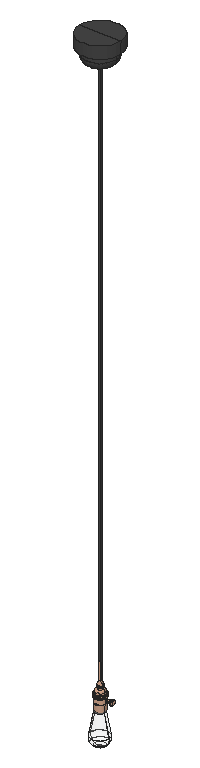
Revit family "SPO-KEY-AB MB", category Lighting Fixtures, Revit 2020 (continued)
Definition of nested family "SPO-KEY-AB"
  Definition of nested family "SPO-KEY-AB HOLDER"
    Forms (in)
      Extrusion 126, solid, material <- "Body", visible <- "SPO-KEY-AB"
        sketch origin (-0.00004, 0.0311, -0.22468) x (0.770394, 0.637568, 0) y (-0.637568, 0.770394, 0)
          loop
            line (0.44965, 0.52237) -> (0.48225, 0.49432) -> (0.51145, 0.52351) -> (0.47877, 0.55619) -> (0.44965, 0.52237)
        from 1.87225 to 1.98153
      Extrusion 127, solid, material <- "Body", visible <- "SPO-KEY-AB"
        sketch origin (0.003, 0.03095, -0.22468) x (0.829137, 0.559045, 0) y (-0.559045, 0.829137, 0)
          loop
            line (0.44965, 0.52237) -> (0.48225, 0.49432) -> (0.51145, 0.52351) -> (0.47877, 0.55619) -> (0.44965, 0.52237)
        from 1.87225 to 1.98153
      Extrusion 128, solid, material <- "Body", visible <- "SPO-KEY-AB"
        sketch origin (0.00602, 0.03051, -0.22468) x (0.879906, 0.475147, 0) y (-0.475147, 0.879906, 0)
          loop
            line (0.44965, 0.52237) -> (0.48225, 0.49432) -> (0.51145, 0.52351) -> (0.47877, 0.55619) -> (0.44965, 0.52237)
        from 1.87225 to 1.98153
      Extrusion 129, solid, material <- "Body", visible <- "SPO-KEY-AB"
        sketch origin (0.00898, 0.02977, -0.22468) x (0.922214, 0.38668, 0) y (-0.38668, 0.922214, 0)
          loop
            line (0.44965, 0.52237) -> (0.48225, 0.49432) -> (0.51145, 0.52351) -> (0.47877, 0.55619) -> (0.44965, 0.52237)
        from 1.87225 to 1.98153
      Extrusion 130, solid, material <- "Body", visible <- "SPO-KEY-AB"
        sketch origin (0.01185, 0.02875, -0.22468) x (0.955653, 0.294494, 0) y (-0.294494, 0.955653, 0)
          loop
            line (0.44965, 0.52237) -> (0.48225, 0.49432) -> (0.51145, 0.52351) -> (0.47877, 0.55619) -> (0.44965, 0.52237)
        from 1.87225 to 1.98153
      Extrusion 131, solid, material <- "Body", visible <- "SPO-KEY-AB"
        sketch origin (0.01461, 0.02745, -0.22468) x (0.979903, 0.199477, 0) y (-0.199477, 0.979903, 0)
          loop
            line (0.44965, 0.52237) -> (0.48225, 0.49432) -> (0.51145, 0.52351) -> (0.47877, 0.55619) -> (0.44965, 0.52237)
        from 1.87225 to 1.98153
      Extrusion 132, solid, material <- "Body", visible <- "SPO-KEY-AB"
        sketch origin (0.01723, 0.02589, -0.22468) x (0.994729, 0.102541, 0) y (-0.102541, 0.994729, 0)
          loop
            line (0.44965, 0.52237) -> (0.48225, 0.49432) -> (0.51145, 0.52351) -> (0.47877, 0.55619) -> (0.44965, 0.52237)
        from 1.87225 to 1.98153
      Extrusion 133, solid, material <- "Body", visible <- "SPO-KEY-AB"
        sketch origin (0.01968, 0.02408, -0.22468) x (0.999989, 0.004618, 0) y (-0.004618, 0.999989, 0)
          loop
            line (0.44965, 0.52237) -> (0.48225, 0.49432) -> (0.51145, 0.52351) -> (0.47877, 0.55619) -> (0.44965, 0.52237)
        from 1.87225 to 1.98153
      Extrusion 134, solid, material <- "Body", visible <- "SPO-KEY-AB"
        sketch origin (-0.38641, -0.34585, 0.9375) x (0.995192, -0.097945, 0) y (0.097945, 0.995192, 0)
          loop
            line (0.527, 0.61222) -> (0.56632, 0.57838) -> (0.59931, 0.61137) -> (0.56005, 0.65062) -> (0.527, 0.61222)
        from 1.81351 to 1.98153
      Extrusion 135, solid, material <- "Body", visible <- "SPO-KEY-AB"
        sketch origin (-0.46276, -0.23405, 0.9375) x (0.935931, -0.352183, 0) y (0.352183, 0.935931, 0)
          loop
            line (0.527, 0.61222) -> (0.56632, 0.57838) -> (0.59931, 0.61137) -> (0.56005, 0.65062) -> (0.527, 0.61222)
        from 1.81351 to 1.98153
      Extrusion 136, solid, material <- "Body", visible <- "SPO-KEY-AB"
        sketch origin (-0.50757, -0.10631, 0.9375) x (0.812889, -0.582419, 0) y (0.582419, 0.812889, 0)
          loop
            line (0.527, 0.61222) -> (0.56632, 0.57838) -> (0.59931, 0.61137) -> (0.56005, 0.65062) -> (0.527, 0.61222)
        from 1.81351 to 1.98153
      Extrusion 137, solid, material <- "Body", visible <- "SPO-KEY-AB"
        sketch origin (-0.51779, 0.02868, 0.9375) x (0.634449, -0.772965, 0) y (0.772965, 0.634449, 0)
          loop
            line (0.527, 0.61222) -> (0.56632, 0.57838) -> (0.59931, 0.61137) -> (0.56005, 0.65062) -> (0.527, 0.61222)
        from 1.81351 to 1.98153
      Extrusion 138, solid, material <- "Body", visible <- "SPO-KEY-AB"
        sketch origin (-0.49272, 0.16172, 0.9375) x (0.412773, -0.910834, 0) y (0.910834, 0.412773, 0)
          loop
            line (0.527, 0.61222) -> (0.56632, 0.57838) -> (0.59931, 0.61137) -> (0.56005, 0.65062) -> (0.527, 0.61222)
        from 1.81351 to 1.98153
      Extrusion 139, solid, material <- "Body", visible <- "SPO-KEY-AB"
        sketch origin (-0.43407, 0.28373, 0.9375) x (0.162967, -0.986632, 0) y (0.986632, 0.162967, 0)
          loop
            line (0.527, 0.61222) -> (0.56632, 0.57838) -> (0.59931, 0.61137) -> (0.56005, 0.65062) -> (0.527, 0.61222)
        from 1.81351 to 1.98153
      Extrusion 140, solid, material <- "Body", visible <- "SPO-KEY-AB"
        sketch origin (-0.34585, 0.38641, 0.9375) x (-0.097945, -0.995192, 0) y (0.995192, -0.097945, 0)
          loop
            line (0.527, 0.61222) -> (0.56632, 0.57838) -> (0.59931, 0.61137) -> (0.56005, 0.65062) -> (0.527, 0.61222)
        from 1.81351 to 1.98153
      Extrusion 141, solid, material <- "Body", visible <- "SPO-KEY-AB"
        sketch origin (-0.23405, 0.46276, 0.9375) x (-0.352183, -0.935931, 0) y (0.935931, -0.352183, 0)
          loop
            line (0.527, 0.61222) -> (0.56632, 0.57838) -> (0.59931, 0.61137) -> (0.56005, 0.65062) -> (0.527, 0.61222)
        from 1.81351 to 1.98153
      Extrusion 142, solid, material <- "Body", visible <- "SPO-KEY-AB"
        sketch origin (-0.10631, 0.50757, 0.9375) x (-0.582419, -0.812889, 0) y (0.812889, -0.582419, 0)
          loop
            line (0.527, 0.61222) -> (0.56632, 0.57838) -> (0.59931, 0.61137) -> (0.56005, 0.65062) -> (0.527, 0.61222)
        from 1.81351 to 1.98153
      Extrusion 143, solid, material <- "Body", visible <- "SPO-KEY-AB"
        sketch origin (0.02868, 0.51779, 0.9375) x (-0.772965, -0.634449, 0) y (0.634449, -0.772965, 0)
          loop
            line (0.527, 0.61222) -> (0.56632, 0.57838) -> (0.59931, 0.61137) -> (0.56005, 0.65062) -> (0.527, 0.61222)
        from 1.81351 to 1.98153
      Extrusion 144, solid, material <- "Body", visible <- "SPO-KEY-AB"
        sketch origin (0.16172, 0.49272, 0.9375) x (-0.910834, -0.412773, 0) y (0.412773, -0.910834, 0)
          loop
            line (0.527, 0.61222) -> (0.56632, 0.57838) -> (0.59931, 0.61137) -> (0.56005, 0.65062) -> (0.527, 0.61222)
        from 1.81351 to 1.98153
      Extrusion 145, solid, material <- "Body", visible <- "SPO-KEY-AB"
        sketch origin (0.28373, 0.43407, 0.9375) x (-0.986632, -0.162967, 0) y (0.162967, -0.986632, 0)
          loop
            line (0.527, 0.61222) -> (0.56632, 0.57838) -> (0.59931, 0.61137) -> (0.56005, 0.65062) -> (0.527, 0.61222)
        from 1.81351 to 1.98153
      Extrusion 146, solid, material <- "Body", visible <- "SPO-KEY-AB"
        sketch origin (0.38641, 0.34585, 0.9375) x (-0.995192, 0.097945, 0) y (-0.097945, -0.995192, 0)
          loop
            line (0.527, 0.61222) -> (0.56632, 0.57838) -> (0.59931, 0.61137) -> (0.56005, 0.65062) -> (0.527, 0.61222)
        from 1.81351 to 1.98153
      Extrusion 147, solid, material <- "Body", visible <- "SPO-KEY-AB"
        sketch origin (0.46276, 0.23405, 0.9375) x (-0.935931, 0.352183, 0) y (-0.352183, -0.935931, 0)
          loop
            line (0.527, 0.61222) -> (0.56632, 0.57838) -> (0.59931, 0.61137) -> (0.56005, 0.65062) -> (0.527, 0.61222)
        from 1.81351 to 1.98153
      Extrusion 148, solid, material <- "Body", visible <- "SPO-KEY-AB"
        sketch origin (0.50757, 0.10631, 0.9375) x (-0.812889, 0.582419, 0) y (-0.582419, -0.812889, 0)
          loop
            line (0.527, 0.61222) -> (0.56632, 0.57838) -> (0.59931, 0.61137) -> (0.56005, 0.65062) -> (0.527, 0.61222)
        from 1.81351 to 1.98153
      Extrusion 149, solid, material <- "Body", visible <- "SPO-KEY-AB"
        sketch origin (0.51779, -0.02868, 0.9375) x (-0.634449, 0.772965, 0) y (-0.772965, -0.634449, 0)
          loop
            line (0.527, 0.61222) -> (0.56632, 0.57838) -> (0.59931, 0.61137) -> (0.56005, 0.65062) -> (0.527, 0.61222)
        from 1.81351 to 1.98153
      Extrusion 150, solid, material <- "Body", visible <- "SPO-KEY-AB"
        sketch origin (0.49272, -0.16172, 0.9375) x (-0.412773, 0.910834, 0) y (-0.910834, -0.412773, 0)
          loop
            line (0.527, 0.61222) -> (0.56632, 0.57838) -> (0.59931, 0.61137) -> (0.56005, 0.65062) -> (0.527, 0.61222)
        from 1.81351 to 1.98153
      Extrusion 151, solid, material <- "Body", visible <- "SPO-KEY-AB"
        sketch origin (0.43407, -0.28373, 0.9375) x (-0.162967, 0.986632, 0) y (-0.986632, -0.162967, 0)
          loop
            line (0.527, 0.61222) -> (0.56632, 0.57838) -> (0.59931, 0.61137) -> (0.56005, 0.65062) -> (0.527, 0.61222)
        from 1.81351 to 1.98153
      Extrusion 152, solid, material <- "Body", visible <- "SPO-KEY-AB"
        sketch origin (0.34585, -0.38641, 0.9375) x (0.097945, 0.995192, 0) y (-0.995192, 0.097945, 0)
          loop
            line (0.527, 0.61222) -> (0.56632, 0.57838) -> (0.59931, 0.61137) -> (0.56005, 0.65062) -> (0.527, 0.61222)
        from 1.81351 to 1.98153
      Extrusion 153, solid, material <- "Body", visible <- "SPO-KEY-AB"
        sketch origin (0.23405, -0.46276, 0.9375) x (0.352183, 0.935931, 0) y (-0.935931, 0.352183, 0)
          loop
            line (0.527, 0.61222) -> (0.56632, 0.57838) -> (0.59931, 0.61137) -> (0.56005, 0.65062) -> (0.527, 0.61222)
        from 1.81351 to 1.98153
      Extrusion 154, solid, material <- "Body", visible <- "SPO-KEY-AB"
        sketch origin (0.10631, -0.50757, 0.9375) x (0.582419, 0.812889, 0) y (-0.812889, 0.582419, 0)
          loop
            line (0.527, 0.61222) -> (0.56632, 0.57838) -> (0.59931, 0.61137) -> (0.56005, 0.65062) -> (0.527, 0.61222)
        from 1.81351 to 1.98153
      Extrusion 155, solid, material <- "Body", visible <- "SPO-KEY-AB"
        sketch origin (-0.02868, -0.51779, 0.9375) x (0.772965, 0.634449, 0) y (-0.634449, 0.772965, 0)
          loop
            line (0.527, 0.61222) -> (0.56632, 0.57838) -> (0.59931, 0.61137) -> (0.56005, 0.65062) -> (0.527, 0.61222)
        from 1.81351 to 1.98153
      Extrusion 156, solid, material <- "Body", visible <- "SPO-KEY-AB"
        sketch origin (-0.16172, -0.49272, 0.9375) x (0.910834, 0.412773, 0) y (-0.412773, 0.910834, 0)
          loop
            line (0.527, 0.61222) -> (0.56632, 0.57838) -> (0.59931, 0.61137) -> (0.56005, 0.65062) -> (0.527, 0.61222)
        from 1.81351 to 1.98153
      Extrusion 157, solid, material <- "Body", visible <- "SPO-KEY-AB"
        sketch origin (-0.28373, -0.43407, 0.9375) x (0.986632, 0.162967, 0) y (-0.162967, 0.986632, 0)
          loop
            line (0.527, 0.61222) -> (0.56632, 0.57838) -> (0.59931, 0.61137) -> (0.56005, 0.65062) -> (0.527, 0.61222)
        from 1.81351 to 1.98153
      Extrusion 158, solid, material <- "Body", visible <- "SPO-KEY-AB"
        sketch origin (0, 0.00846, -0.00846) x (0, 1, 0) y (0, 0, 1)
          loop
            line (-0.20033, 1.5998) -> (-0.15905, 1.62871) -> (-0.18163, 1.66095) -> (-0.22661, 1.62946) -> (-0.20033, 1.5998)
        from 1.51604 to 1.63175
      Extrusion 159, solid, material <- "Body", visible <- "SPO-KEY-AB"
        sketch origin (0, -0.30039, 0.02455) x (0, 0.974751, -0.223295) y (0, 0.223295, 0.974751)
          loop
            line (-0.20033, 1.5998) -> (-0.15905, 1.62871) -> (-0.18163, 1.66095) -> (-0.22661, 1.62946) -> (-0.20033, 1.5998)
        from 1.51604 to 1.63175
      Extrusion 160, solid, material <- "Body", visible <- "SPO-KEY-AB"
        sketch origin (0, -0.59406, 0.12569) x (0, 0.900279, -0.435314) y (0, 0.435314, 0.900279)
          loop
            line (-0.20033, 1.5998) -> (-0.15905, 1.62871) -> (-0.18163, 1.66095) -> (-0.22661, 1.62946) -> (-0.20033, 1.5998)
        from 1.51604 to 1.63175
      Extrusion 161, solid, material <- "Body", visible <- "SPO-KEY-AB"
        sketch origin (0, -0.85774, 0.28985) x (0, 0.780344, -0.62535) y (0, 0.62535, 0.780344)
          loop
            line (-0.20033, 1.5998) -> (-0.15905, 1.62871) -> (-0.18163, 1.66095) -> (-0.22661, 1.62946) -> (-0.20033, 1.5998)
        from 1.51604 to 1.63175
      Extrusion 162, solid, material <- "Body", visible <- "SPO-KEY-AB"
        sketch origin (0, -1.0781, 0.50875) x (0, 0.621004, -0.783807) y (0, 0.783807, 0.621004)
          loop
            line (-0.20033, 1.5998) -> (-0.15905, 1.62871) -> (-0.18163, 1.66095) -> (-0.22661, 1.62946) -> (-0.20033, 1.5998)
        from 1.51604 to 1.63175
      Extrusion 163, solid, material <- "Body", visible <- "SPO-KEY-AB"
        sketch origin (0, -1.24402, 0.77132) x (0, 0.430304, -0.902684) y (0, 0.902684, 0.430304)
          loop
            line (-0.20033, 1.5998) -> (-0.15905, 1.62871) -> (-0.18163, 1.66095) -> (-0.22661, 1.62946) -> (-0.20033, 1.5998)
        from 1.51604 to 1.63175
      Extrusion 164, solid, material <- "Body", visible <- "SPO-KEY-AB"
        sketch origin (0, -1.34712, 1.06431) x (0, 0.217875, -0.975977) y (0, 0.975977, 0.217875)
          loop
            line (-0.20033, 1.5998) -> (-0.15905, 1.62871) -> (-0.18163, 1.66095) -> (-0.22661, 1.62946) -> (-0.20033, 1.5998)
        from 1.51604 to 1.63175
      Extrusion 165, solid, material <- "Body", visible <- "SPO-KEY-AB"
        sketch origin (0, -1.38219, 1.37293) x (0, -0.005557, -0.999985) y (0, 0.999985, -0.005557)
          loop
            line (-0.20033, 1.5998) -> (-0.15905, 1.62871) -> (-0.18163, 1.66095) -> (-0.22661, 1.62946) -> (-0.20033, 1.5998)
        from 1.51604 to 1.63175
      Extrusion 166, solid, material <- "Body", visible <- "SPO-KEY-AB"
        sketch origin (0, -1.34747, 1.68159) x (0, -0.228708, -0.973495) y (0, 0.973495, -0.228708)
          loop
            line (-0.20033, 1.5998) -> (-0.15905, 1.62871) -> (-0.18163, 1.66095) -> (-0.22661, 1.62946) -> (-0.20033, 1.5998)
        from 1.51604 to 1.63175
      Extrusion 167, solid, material <- "Body", visible <- "SPO-KEY-AB"
        sketch origin (0, -1.2447, 1.9747) x (0, -0.44031, -0.897846) y (0, 0.897846, -0.44031)
          loop
            line (-0.20033, 1.5998) -> (-0.15905, 1.62871) -> (-0.18163, 1.66095) -> (-0.22661, 1.62946) -> (-0.20033, 1.5998)
        from 1.51604 to 1.63175
      Extrusion 168, solid, material <- "Body", visible <- "SPO-KEY-AB"
        sketch origin (0, -1.07907, 2.23745) x (0, -0.629677, -0.776857) y (0, 0.776857, -0.629677)
          loop
            line (-0.20033, 1.5998) -> (-0.15905, 1.62871) -> (-0.18163, 1.66095) -> (-0.22661, 1.62946) -> (-0.20033, 1.5998)
        from 1.51604 to 1.63175
      Extrusion 169, solid, material <- "Body", visible <- "SPO-KEY-AB"
        sketch origin (0, -0.85895, 2.4566) x (0, -0.787246, -0.616639) y (0, 0.616639, -0.787246)
          loop
            line (-0.20033, 1.5998) -> (-0.15905, 1.62871) -> (-0.18163, 1.66095) -> (-0.22661, 1.62946) -> (-0.20033, 1.5998)
        from 1.51604 to 1.63175
      Extrusion 170, solid, material <- "Body", visible <- "SPO-KEY-AB"
        sketch origin (0, -0.59546, 2.62106) x (0, -0.905061, -0.425281) y (0, 0.425281, -0.905061)
          loop
            line (-0.20033, 1.5998) -> (-0.15905, 1.62871) -> (-0.18163, 1.66095) -> (-0.22661, 1.62946) -> (-0.20033, 1.5998)
        from 1.51604 to 1.63175
      Extrusion 171, solid, material <- "Body", visible <- "SPO-KEY-AB"
        sketch origin (0, -0.3019, 2.72252) x (0, -0.977172, -0.212448) y (0, 0.212448, -0.977172)
          loop
            line (-0.20033, 1.5998) -> (-0.15905, 1.62871) -> (-0.18163, 1.66095) -> (-0.22661, 1.62946) -> (-0.20033, 1.5998)
        from 1.51604 to 1.63175
      Extrusion 172, solid, material <- "Body", visible <- "SPO-KEY-AB"
        sketch origin (0, 0.0069, 2.75588) x (0, -0.999938, 0.011114) y (0, -0.011114, -0.999938)
          loop
            line (-0.20033, 1.5998) -> (-0.15905, 1.62871) -> (-0.18163, 1.66095) -> (-0.22661, 1.62946) -> (-0.20033, 1.5998)
        from 1.51604 to 1.63175
      Extrusion 173, solid, material <- "Body", visible <- "SPO-KEY-AB"
        sketch origin (0, 0.31536, 2.71944) x (0, -0.972209, 0.234115) y (0, -0.234115, -0.972209)
          loop
            line (-0.20033, 1.5998) -> (-0.15905, 1.62871) -> (-0.18163, 1.66095) -> (-0.22661, 1.62946) -> (-0.20033, 1.5998)
        from 1.51604 to 1.63175
      Extrusion 174, solid, material <- "Body", visible <- "SPO-KEY-AB"
        sketch origin (0, 0.6079, 2.61504) x (0, -0.895385, 0.445293) y (0, -0.445293, -0.895385)
          loop
            line (-0.20033, 1.5998) -> (-0.15905, 1.62871) -> (-0.18163, 1.66095) -> (-0.22661, 1.62946) -> (-0.20033, 1.5998)
        from 1.51604 to 1.63175
      Extrusion 175, solid, material <- "Body", visible <- "SPO-KEY-AB"
        sketch origin (0, 0.86973, 2.44796) x (0, -0.773346, 0.633984) y (0, -0.633984, -0.773346)
          loop
            line (-0.20033, 1.5998) -> (-0.15905, 1.62871) -> (-0.18163, 1.66095) -> (-0.22661, 1.62946) -> (-0.20033, 1.5998)
        from 1.51604 to 1.63175
      Extrusion 176, solid, material <- "Body", visible <- "SPO-KEY-AB"
        sketch origin (0, 1.08765, 2.22663) x (0, -0.612254, 0.790661) y (0, -0.790661, -0.612254)
          loop
            line (-0.20033, 1.5998) -> (-0.15905, 1.62871) -> (-0.18163, 1.66095) -> (-0.22661, 1.62946) -> (-0.20033, 1.5998)
        from 1.51604 to 1.63175
      Extrusion 177, solid, material <- "Body", visible <- "SPO-KEY-AB"
        sketch origin (0, 1.25064, 1.96223) x (0, -0.420245, 0.907411) y (0, -0.907411, -0.420245)
          loop
            line (-0.20033, 1.5998) -> (-0.15905, 1.62871) -> (-0.18163, 1.66095) -> (-0.22661, 1.62946) -> (-0.20033, 1.5998)
        from 1.51604 to 1.63175
      Extrusion 178, solid, material <- "Body", visible <- "SPO-KEY-AB"
        sketch origin (0, 1.35047, 1.66811) x (0, -0.207014, 0.978338) y (0, -0.978338, -0.207014)
          loop
            line (-0.20033, 1.5998) -> (-0.15905, 1.62871) -> (-0.18163, 1.66095) -> (-0.22661, 1.62946) -> (-0.20033, 1.5998)
        from 1.51604 to 1.63175
      Extrusion 179, solid, material <- "Body", visible <- "SPO-KEY-AB"
        sketch origin (0, 1.38211, 1.35912) x (0, 0.016671, 0.999861) y (0, -0.999861, 0.016671)
          loop
            line (-0.20033, 1.5998) -> (-0.15905, 1.62871) -> (-0.18163, 1.66095) -> (-0.22661, 1.62946) -> (-0.20033, 1.5998)
        from 1.51604 to 1.63175
      Extrusion 180, solid, material <- "Body", visible <- "SPO-KEY-AB"
        sketch origin (0, 1.34396, 1.05087) x (0, 0.239514, 0.970893) y (0, -0.970893, 0.239514)
          loop
            line (-0.20033, 1.5998) -> (-0.15905, 1.62871) -> (-0.18163, 1.66095) -> (-0.22661, 1.62946) -> (-0.20033, 1.5998)
        from 1.51604 to 1.63175
      Extrusion 181, solid, material <- "Body", visible <- "SPO-KEY-AB"
        sketch origin (0, 1.23794, 0.75892) x (0, 0.450261, 0.892897) y (0, -0.892897, 0.450261)
          loop
            line (-0.20033, 1.5998) -> (-0.15905, 1.62871) -> (-0.18163, 1.66095) -> (-0.22661, 1.62946) -> (-0.20033, 1.5998)
        from 1.51604 to 1.63175
      Extrusion 182, solid, material <- "Body", visible <- "SPO-KEY-AB"
        sketch origin (0, 1.0694, 0.49802) x (0, 0.638272, 0.769811) y (0, -0.769811, 0.638272)
          loop
            line (-0.20033, 1.5998) -> (-0.15905, 1.62871) -> (-0.18163, 1.66095) -> (-0.22661, 1.62946) -> (-0.20033, 1.5998)
        from 1.51604 to 1.63175
      Extrusion 183, solid, material <- "Body", visible <- "SPO-KEY-AB"
        sketch origin (0, 0.84687, 0.28134) x (0, 0.794051, 0.607851) y (0, -0.607851, 0.794051)
          loop
            line (-0.20033, 1.5998) -> (-0.15905, 1.62871) -> (-0.18163, 1.66095) -> (-0.22661, 1.62946) -> (-0.20033, 1.5998)
        from 1.51604 to 1.63175
      Extrusion 184, solid, material <- "Body", visible <- "SPO-KEY-AB"
        sketch origin (0, 0.58156, 0.11982) x (0, 0.909732, 0.415196) y (0, -0.415196, 0.909732)
          loop
            line (-0.20033, 1.5998) -> (-0.15905, 1.62871) -> (-0.18163, 1.66095) -> (-0.22661, 1.62946) -> (-0.20033, 1.5998)
        from 1.51604 to 1.63175
      Extrusion 185, solid, material <- "Body", visible <- "SPO-KEY-AB"
        sketch origin (0, 0.28689, 0.02162) x (0, 0.979473, 0.201574) y (0, -0.201574, 0.979473)
          loop
            line (-0.20033, 1.5998) -> (-0.15905, 1.62871) -> (-0.18163, 1.66095) -> (-0.22661, 1.62946) -> (-0.20033, 1.5998)
        from 1.51604 to 1.63175
    Dimensions and locks (in)
      locked: plane 4 to plane 2 at 3.5
      equal spacing: plane 5, plane 3 "Center (Left/Right)", plane 6
      plane 5 to plane 6 = 0' - 1 1/2"
      aligned and locked: plane 2 to level
    Automatic sketch dimensions
      Extrusion 4 sketch curve to Extrusion 4 sketch curve = 0' - 0.02911"
      Extrusion 4 sketch curve to Extrusion 4 sketch curve = 0' - 0.0326"
      Extrusion 4 sketch curve to Extrusion 4 sketch curve = 0' - 0.0292"
      Extrusion 4 sketch curve to Extrusion 4 sketch curve = 0' - 0.02806"
      Extrusion 5 sketch curve to Extrusion 5 sketch curve = 0' - 0.02911"
      Extrusion 5 sketch curve to Extrusion 5 sketch curve = 0' - 0.0326"
      Extrusion 5 sketch curve to Extrusion 5 sketch curve = 0' - 0.0292"
      Extrusion 5 sketch curve to Extrusion 5 sketch curve = 0' - 0.02806"
      Extrusion 6 sketch curve to Extrusion 6 sketch curve = 0' - 0.02911"
      Extrusion 6 sketch curve to Extrusion 6 sketch curve = 0' - 0.0326"
      Extrusion 6 sketch curve to Extrusion 6 sketch curve = 0' - 0.0292"
      Extrusion 6 sketch curve to Extrusion 6 sketch curve = 0' - 0.02806"
      Extrusion 7 sketch curve to Extrusion 7 sketch curve = 0' - 0.02911"
      Extrusion 7 sketch curve to Extrusion 7 sketch curve = 0' - 0.0326"
      Extrusion 7 sketch curve to Extrusion 7 sketch curve = 0' - 0.0292"
      Extrusion 7 sketch curve to Extrusion 7 sketch curve = 0' - 0.02806"
      Extrusion 8 sketch curve to Extrusion 8 sketch curve = 0' - 0.02911"
      Extrusion 8 sketch curve to Extrusion 8 sketch curve = 0' - 0.0326"
      Extrusion 8 sketch curve to Extrusion 8 sketch curve = 0' - 0.0292"
      Extrusion 8 sketch curve to Extrusion 8 sketch curve = 0' - 0.02806"
      Extrusion 9 sketch curve to Extrusion 9 sketch curve = 0' - 0.02911"
      Extrusion 9 sketch curve to Extrusion 9 sketch curve = 0' - 0.0326"
      Extrusion 9 sketch curve to Extrusion 9 sketch curve = 0' - 0.0292"
      Extrusion 9 sketch curve to Extrusion 9 sketch curve = 0' - 0.02806"
      Extrusion 10 sketch curve to Extrusion 10 sketch curve = 0' - 0.02911"
      Extrusion 10 sketch curve to Extrusion 10 sketch curve = 0' - 0.0326"
      Extrusion 10 sketch curve to Extrusion 10 sketch curve = 0' - 0.0292"
      Extrusion 10 sketch curve to Extrusion 10 sketch curve = 0' - 0.02806"
      Extrusion 11 sketch curve to Extrusion 11 sketch curve = 0' - 0.02911"
      Extrusion 11 sketch curve to Extrusion 11 sketch curve = 0' - 0.0326"
      Extrusion 11 sketch curve to Extrusion 11 sketch curve = 0' - 0.0292"
      Extrusion 11 sketch curve to Extrusion 11 sketch curve = 0' - 0.02806"
      Extrusion 12 sketch curve to Extrusion 12 sketch curve = 0' - 0.02911"
      Extrusion 12 sketch curve to Extrusion 12 sketch curve = 0' - 0.0326"
      Extrusion 12 sketch curve to Extrusion 12 sketch curve = 0' - 0.0292"
      Extrusion 12 sketch curve to Extrusion 12 sketch curve = 0' - 0.02806"
      Extrusion 13 sketch curve to Extrusion 13 sketch curve = 0' - 0.02911"
      Extrusion 13 sketch curve to Extrusion 13 sketch curve = 0' - 0.0326"
      Extrusion 13 sketch curve to Extrusion 13 sketch curve = 0' - 0.0292"
      Extrusion 13 sketch curve to Extrusion 13 sketch curve = 0' - 0.02806"
      Extrusion 14 sketch curve to Extrusion 14 sketch curve = 0' - 0.02911"
      Extrusion 14 sketch curve to Extrusion 14 sketch curve = 0' - 0.0326"
      Extrusion 14 sketch curve to Extrusion 14 sketch curve = 0' - 0.0292"
      Extrusion 14 sketch curve to Extrusion 14 sketch curve = 0' - 0.02806"
      Extrusion 15 sketch curve to Extrusion 15 sketch curve = 0' - 0.02911"
      Extrusion 15 sketch curve to Extrusion 15 sketch curve = 0' - 0.0326"
      Extrusion 15 sketch curve to Extrusion 15 sketch curve = 0' - 0.0292"
      Extrusion 15 sketch curve to Extrusion 15 sketch curve = 0' - 0.02806"
      Extrusion 16 sketch curve to Extrusion 16 sketch curve = 0' - 0.02911"
      Extrusion 16 sketch curve to Extrusion 16 sketch curve = 0' - 0.0326"
      Extrusion 16 sketch curve to Extrusion 16 sketch curve = 0' - 0.0292"
      Extrusion 16 sketch curve to Extrusion 16 sketch curve = 0' - 0.02806"
      Extrusion 17 sketch curve to Extrusion 17 sketch curve = 0' - 0.02911"
      Extrusion 17 sketch curve to Extrusion 17 sketch curve = 0' - 0.0326"
      Extrusion 17 sketch curve to Extrusion 17 sketch curve = 0' - 0.0292"
      Extrusion 17 sketch curve to Extrusion 17 sketch curve = 0' - 0.02806"
      Extrusion 18 sketch curve to Extrusion 18 sketch curve = 0' - 0.02911"
      Extrusion 18 sketch curve to Extrusion 18 sketch curve = 0' - 0.0326"
      Extrusion 18 sketch curve to Extrusion 18 sketch curve = 0' - 0.0292"
      Extrusion 18 sketch curve to Extrusion 18 sketch curve = 0' - 0.02806"
      Extrusion 19 sketch curve to Extrusion 19 sketch curve = 0' - 0.02911"
      Extrusion 19 sketch curve to Extrusion 19 sketch curve = 0' - 0.0326"
      Extrusion 19 sketch curve to Extrusion 19 sketch curve = 0' - 0.0292"
      Extrusion 19 sketch curve to Extrusion 19 sketch curve = 0' - 0.02806"
      Extrusion 20 sketch curve to Extrusion 20 sketch curve = 0' - 0.02911"
      Extrusion 20 sketch curve to Extrusion 20 sketch curve = 0' - 0.0326"
      Extrusion 20 sketch curve to Extrusion 20 sketch curve = 0' - 0.0292"
      Extrusion 20 sketch curve to Extrusion 20 sketch curve = 0' - 0.02806"
      Extrusion 21 sketch curve to Extrusion 21 sketch curve = 0' - 0.02911"
      Extrusion 21 sketch curve to Extrusion 21 sketch curve = 0' - 0.0326"
      Extrusion 21 sketch curve to Extrusion 21 sketch curve = 0' - 0.0292"
      Extrusion 21 sketch curve to Extrusion 21 sketch curve = 0' - 0.02806"
      Extrusion 22 sketch curve to Extrusion 22 sketch curve = 0' - 0.02911"
      Extrusion 22 sketch curve to Extrusion 22 sketch curve = 0' - 0.0326"
      Extrusion 22 sketch curve to Extrusion 22 sketch curve = 0' - 0.0292"
      Extrusion 22 sketch curve to Extrusion 22 sketch curve = 0' - 0.02806"
      Extrusion 23 sketch curve to Extrusion 23 sketch curve = 0' - 0.02911"
      Extrusion 23 sketch curve to Extrusion 23 sketch curve = 0' - 0.0326"
      Extrusion 23 sketch curve to Extrusion 23 sketch curve = 0' - 0.0292"
      Extrusion 23 sketch curve to Extrusion 23 sketch curve = 0' - 0.02806"
      Extrusion 24 sketch curve to Extrusion 24 sketch curve = 0' - 0.02911"
      Extrusion 24 sketch curve to Extrusion 24 sketch curve = 0' - 0.0326"
      Extrusion 24 sketch curve to Extrusion 24 sketch curve = 0' - 0.0292"
      Extrusion 24 sketch curve to Extrusion 24 sketch curve = 0' - 0.02806"
      Extrusion 25 sketch curve to Extrusion 25 sketch curve = 0' - 0.02911"
      Extrusion 25 sketch curve to Extrusion 25 sketch curve = 0' - 0.0326"
      Extrusion 25 sketch curve to Extrusion 25 sketch curve = 0' - 0.0292"
      Extrusion 25 sketch curve to Extrusion 25 sketch curve = 0' - 0.02806"
      Extrusion 26 sketch curve to Extrusion 26 sketch curve = 0' - 0.02911"
      Extrusion 26 sketch curve to Extrusion 26 sketch curve = 0' - 0.0326"
      Extrusion 26 sketch curve to Extrusion 26 sketch curve = 0' - 0.0292"
      Extrusion 26 sketch curve to Extrusion 26 sketch curve = 0' - 0.02806"
      Extrusion 27 sketch curve to Extrusion 27 sketch curve = 0' - 0.02911"
      Extrusion 27 sketch curve to Extrusion 27 sketch curve = 0' - 0.0326"
      Extrusion 27 sketch curve to Extrusion 27 sketch curve = 0' - 0.0292"
      Extrusion 27 sketch curve to Extrusion 27 sketch curve = 0' - 0.02806"
      Extrusion 28 sketch curve to Extrusion 28 sketch curve = 0' - 0.02911"
      Extrusion 28 sketch curve to Extrusion 28 sketch curve = 0' - 0.0326"
      Extrusion 28 sketch curve to Extrusion 28 sketch curve = 0' - 0.0292"
      Extrusion 28 sketch curve to Extrusion 28 sketch curve = 0' - 0.02806"
      Extrusion 29 sketch curve to Extrusion 29 sketch curve = 0' - 0.02911"
      Extrusion 29 sketch curve to Extrusion 29 sketch curve = 0' - 0.0326"
      Extrusion 29 sketch curve to Extrusion 29 sketch curve = 0' - 0.0292"
      Extrusion 29 sketch curve to Extrusion 29 sketch curve = 0' - 0.02806"
      Extrusion 30 sketch curve to Extrusion 30 sketch curve = 0' - 0.02911"
      Extrusion 30 sketch curve to Extrusion 30 sketch curve = 0' - 0.0326"
      Extrusion 30 sketch curve to Extrusion 30 sketch curve = 0' - 0.0292"
      Extrusion 30 sketch curve to Extrusion 30 sketch curve = 0' - 0.02806"
      Extrusion 31 sketch curve to Extrusion 31 sketch curve = 0' - 0.02911"
      Extrusion 31 sketch curve to Extrusion 31 sketch curve = 0' - 0.0326"
      Extrusion 31 sketch curve to Extrusion 31 sketch curve = 0' - 0.0292"
      Extrusion 31 sketch curve to Extrusion 31 sketch curve = 0' - 0.02806"
      Extrusion 32 sketch curve to Extrusion 32 sketch curve = 0' - 0.02911"
      Extrusion 32 sketch curve to Extrusion 32 sketch curve = 0' - 0.0326"
      Extrusion 32 sketch curve to Extrusion 32 sketch curve = 0' - 0.0292"
      Extrusion 32 sketch curve to Extrusion 32 sketch curve = 0' - 0.02806"
      Extrusion 33 sketch curve to Extrusion 33 sketch curve = 0' - 0.02911"
      Extrusion 33 sketch curve to Extrusion 33 sketch curve = 0' - 0.0326"
      Extrusion 33 sketch curve to Extrusion 33 sketch curve = 0' - 0.0292"
      Extrusion 33 sketch curve to Extrusion 33 sketch curve = 0' - 0.02806"
      Extrusion 34 sketch curve to Extrusion 34 sketch curve = 0' - 0.02911"
      Extrusion 34 sketch curve to Extrusion 34 sketch curve = 0' - 0.0326"
      Extrusion 34 sketch curve to Extrusion 34 sketch curve = 0' - 0.0292"
      Extrusion 34 sketch curve to Extrusion 34 sketch curve = 0' - 0.02806"
      Extrusion 35 sketch curve to Extrusion 35 sketch curve = 0' - 0.02911"
      Extrusion 35 sketch curve to Extrusion 35 sketch curve = 0' - 0.0326"
      Extrusion 35 sketch curve to Extrusion 35 sketch curve = 0' - 0.0292"
      Extrusion 35 sketch curve to Extrusion 35 sketch curve = 0' - 0.02806"
      Extrusion 36 sketch curve to Extrusion 36 sketch curve = 0' - 0.02911"
      Extrusion 36 sketch curve to Extrusion 36 sketch curve = 0' - 0.0326"
      Extrusion 36 sketch curve to Extrusion 36 sketch curve = 0' - 0.0292"
      Extrusion 36 sketch curve to Extrusion 36 sketch curve = 0' - 0.02806"
      Extrusion 37 sketch curve to Extrusion 37 sketch curve = 0' - 0.02911"
      Extrusion 37 sketch curve to Extrusion 37 sketch curve = 0' - 0.0326"
      Extrusion 37 sketch curve to Extrusion 37 sketch curve = 0' - 0.0292"
      Extrusion 37 sketch curve to Extrusion 37 sketch curve = 0' - 0.02806"
      Extrusion 38 sketch curve to Extrusion 38 sketch curve = 0' - 0.02911"
      Extrusion 38 sketch curve to Extrusion 38 sketch curve = 0' - 0.0326"
      Extrusion 38 sketch curve to Extrusion 38 sketch curve = 0' - 0.0292"
      Extrusion 38 sketch curve to Extrusion 38 sketch curve = 0' - 0.02806"
      Extrusion 39 sketch curve to Extrusion 39 sketch curve = 0' - 0.02911"
      Extrusion 39 sketch curve to Extrusion 39 sketch curve = 0' - 0.0326"
      Extrusion 39 sketch curve to Extrusion 39 sketch curve = 0' - 0.0292"
      Extrusion 39 sketch curve to Extrusion 39 sketch curve = 0' - 0.02806"
      Extrusion 40 sketch curve to Extrusion 40 sketch curve = 0' - 0.02911"
      Extrusion 40 sketch curve to Extrusion 40 sketch curve = 0' - 0.0326"
      Extrusion 40 sketch curve to Extrusion 40 sketch curve = 0' - 0.0292"
      Extrusion 40 sketch curve to Extrusion 40 sketch curve = 0' - 0.02806"
      Extrusion 41 sketch curve to Extrusion 41 sketch curve = 0' - 0.02911"
      Extrusion 41 sketch curve to Extrusion 41 sketch curve = 0' - 0.0326"
      Extrusion 41 sketch curve to Extrusion 41 sketch curve = 0' - 0.0292"
      Extrusion 41 sketch curve to Extrusion 41 sketch curve = 0' - 0.02806"
      Extrusion 42 sketch curve to Extrusion 42 sketch curve = 0' - 0.02911"
      Extrusion 42 sketch curve to Extrusion 42 sketch curve = 0' - 0.0326"
      Extrusion 42 sketch curve to Extrusion 42 sketch curve = 0' - 0.0292"
      Extrusion 42 sketch curve to Extrusion 42 sketch curve = 0' - 0.02806"
      Extrusion 43 sketch curve to Extrusion 43 sketch curve = 0' - 0.02911"
      Extrusion 43 sketch curve to Extrusion 43 sketch curve = 0' - 0.0326"
      Extrusion 43 sketch curve to Extrusion 43 sketch curve = 0' - 0.0292"
      Extrusion 43 sketch curve to Extrusion 43 sketch curve = 0' - 0.02806"
      Extrusion 44 sketch curve to Extrusion 44 sketch curve = 0' - 0.02911"
      Extrusion 44 sketch curve to Extrusion 44 sketch curve = 0' - 0.0326"
      Extrusion 44 sketch curve to Extrusion 44 sketch curve = 0' - 0.0292"
      Extrusion 44 sketch curve to Extrusion 44 sketch curve = 0' - 0.02806"
      Extrusion 45 sketch curve to Extrusion 45 sketch curve = 0' - 0.02911"
      Extrusion 45 sketch curve to Extrusion 45 sketch curve = 0' - 0.0326"
      Extrusion 45 sketch curve to Extrusion 45 sketch curve = 0' - 0.0292"
      Extrusion 45 sketch curve to Extrusion 45 sketch curve = 0' - 0.02806"
      Extrusion 46 sketch curve to Extrusion 46 sketch curve = 0' - 0.02911"
      Extrusion 46 sketch curve to Extrusion 46 sketch curve = 0' - 0.0326"
      Extrusion 46 sketch curve to Extrusion 46 sketch curve = 0' - 0.0292"
      Extrusion 46 sketch curve to Extrusion 46 sketch curve = 0' - 0.02806"
      Extrusion 47 sketch curve to Extrusion 47 sketch curve = 0' - 0.02911"
      Extrusion 47 sketch curve to Extrusion 47 sketch curve = 0' - 0.0326"
      Extrusion 47 sketch curve to Extrusion 47 sketch curve = 0' - 0.0292"
      Extrusion 47 sketch curve to Extrusion 47 sketch curve = 0' - 0.02806"
      Extrusion 48 sketch curve to Extrusion 48 sketch curve = 0' - 0.02911"
      Extrusion 48 sketch curve to Extrusion 48 sketch curve = 0' - 0.0326"
      Extrusion 48 sketch curve to Extrusion 48 sketch curve = 0' - 0.0292"
      Extrusion 48 sketch curve to Extrusion 48 sketch curve = 0' - 0.02806"
      Extrusion 49 sketch curve to Extrusion 49 sketch curve = 0' - 0.02911"
      Extrusion 49 sketch curve to Extrusion 49 sketch curve = 0' - 0.0326"
      Extrusion 49 sketch curve to Extrusion 49 sketch curve = 0' - 0.0292"
      Extrusion 49 sketch curve to Extrusion 49 sketch curve = 0' - 0.02806"
      Extrusion 50 sketch curve to Extrusion 50 sketch curve = 0' - 0.02911"
      Extrusion 50 sketch curve to Extrusion 50 sketch curve = 0' - 0.0326"
      Extrusion 50 sketch curve to Extrusion 50 sketch curve = 0' - 0.0292"
      Extrusion 50 sketch curve to Extrusion 50 sketch curve = 0' - 0.02806"
      Extrusion 51 sketch curve to Extrusion 51 sketch curve = 0' - 0.02911"
      Extrusion 51 sketch curve to Extrusion 51 sketch curve = 0' - 0.0326"
      Extrusion 51 sketch curve to Extrusion 51 sketch curve = 0' - 0.0292"
      Extrusion 51 sketch curve to Extrusion 51 sketch curve = 0' - 0.02806"
      Extrusion 52 sketch curve to Extrusion 52 sketch curve = 0' - 0.02911"
      Extrusion 52 sketch curve to Extrusion 52 sketch curve = 0' - 0.0326"
      Extrusion 52 sketch curve to Extrusion 52 sketch curve = 0' - 0.0292"
      Extrusion 52 sketch curve to Extrusion 52 sketch curve = 0' - 0.02806"
      Extrusion 53 sketch curve to Extrusion 53 sketch curve = 0' - 0.02911"
      Extrusion 53 sketch curve to Extrusion 53 sketch curve = 0' - 0.0326"
      Extrusion 53 sketch curve to Extrusion 53 sketch curve = 0' - 0.0292"
      Extrusion 53 sketch curve to Extrusion 53 sketch curve = 0' - 0.02806"
      Extrusion 54 sketch curve to Extrusion 54 sketch curve = 0' - 0.02911"
      Extrusion 54 sketch curve to Extrusion 54 sketch curve = 0' - 0.0326"
      Extrusion 54 sketch curve to Extrusion 54 sketch curve = 0' - 0.0292"
      Extrusion 54 sketch curve to Extrusion 54 sketch curve = 0' - 0.02806"
      Extrusion 55 sketch curve to Extrusion 55 sketch curve = 0' - 0.02911"
      Extrusion 55 sketch curve to Extrusion 55 sketch curve = 0' - 0.0326"
      Extrusion 55 sketch curve to Extrusion 55 sketch curve = 0' - 0.0292"
      Extrusion 55 sketch curve to Extrusion 55 sketch curve = 0' - 0.02806"
      Extrusion 56 sketch curve to Extrusion 56 sketch curve = 0' - 0.02911"
      Extrusion 56 sketch curve to Extrusion 56 sketch curve = 0' - 0.0326"
      Extrusion 56 sketch curve to Extrusion 56 sketch curve = 0' - 0.0292"
      Extrusion 56 sketch curve to Extrusion 56 sketch curve = 0' - 0.02806"
      Extrusion 57 sketch curve to Extrusion 57 sketch curve = 0' - 0.02911"
      Extrusion 57 sketch curve to Extrusion 57 sketch curve = 0' - 0.0326"
      Extrusion 57 sketch curve to Extrusion 57 sketch curve = 0' - 0.0292"
      Extrusion 57 sketch curve to Extrusion 57 sketch curve = 0' - 0.02806"
      Extrusion 58 sketch curve to Extrusion 58 sketch curve = 0' - 0.02911"
      Extrusion 58 sketch curve to Extrusion 58 sketch curve = 0' - 0.0326"
      Extrusion 58 sketch curve to Extrusion 58 sketch curve = 0' - 0.0292"
      Extrusion 58 sketch curve to Extrusion 58 sketch curve = 0' - 0.02806"
      Extrusion 59 sketch curve to Extrusion 59 sketch curve = 0' - 0.02911"
      Extrusion 59 sketch curve to Extrusion 59 sketch curve = 0' - 0.0326"
      Extrusion 59 sketch curve to Extrusion 59 sketch curve = 0' - 0.0292"
      Extrusion 59 sketch curve to Extrusion 59 sketch curve = 0' - 0.02806"
      Extrusion 60 sketch curve to Extrusion 60 sketch curve = 0' - 0.02911"
      Extrusion 60 sketch curve to Extrusion 60 sketch curve = 0' - 0.0326"
      Extrusion 60 sketch curve to Extrusion 60 sketch curve = 0' - 0.0292"
      Extrusion 60 sketch curve to Extrusion 60 sketch curve = 0' - 0.02806"
      Extrusion 61 sketch curve to Extrusion 61 sketch curve = 0' - 0.02911"
      Extrusion 61 sketch curve to Extrusion 61 sketch curve = 0' - 0.0326"
      Extrusion 61 sketch curve to Extrusion 61 sketch curve = 0' - 0.0292"
      Extrusion 61 sketch curve to Extrusion 61 sketch curve = 0' - 0.02806"
      Extrusion 62 sketch curve to Extrusion 62 sketch curve = 0' - 0.02911"
      Extrusion 62 sketch curve to Extrusion 62 sketch curve = 0' - 0.0326"
      Extrusion 62 sketch curve to Extrusion 62 sketch curve = 0' - 0.0292"
      Extrusion 62 sketch curve to Extrusion 62 sketch curve = 0' - 0.02806"
      Extrusion 63 sketch curve to Extrusion 63 sketch curve = 0' - 0.02911"
      Extrusion 63 sketch curve to Extrusion 63 sketch curve = 0' - 0.0326"
      Extrusion 63 sketch curve to Extrusion 63 sketch curve = 0' - 0.0292"
      Extrusion 63 sketch curve to Extrusion 63 sketch curve = 0' - 0.02806"
      Extrusion 64 sketch curve to Extrusion 64 sketch curve = 0' - 0.02911"
      Extrusion 64 sketch curve to Extrusion 64 sketch curve = 0' - 0.0326"
      Extrusion 64 sketch curve to Extrusion 64 sketch curve = 0' - 0.0292"
      Extrusion 64 sketch curve to Extrusion 64 sketch curve = 0' - 0.02806"
      Extrusion 65 sketch curve to Extrusion 65 sketch curve = 0' - 0.02911"
      Extrusion 65 sketch curve to Extrusion 65 sketch curve = 0' - 0.0326"
      Extrusion 65 sketch curve to Extrusion 65 sketch curve = 0' - 0.0292"
      Extrusion 65 sketch curve to Extrusion 65 sketch curve = 0' - 0.02806"
      Extrusion 66 sketch curve to Extrusion 66 sketch curve = 0' - 0.02911"
      Extrusion 66 sketch curve to Extrusion 66 sketch curve = 0' - 0.0326"
      Extrusion 66 sketch curve to Extrusion 66 sketch curve = 0' - 0.0292"
      Extrusion 66 sketch curve to Extrusion 66 sketch curve = 0' - 0.02806"
      Extrusion 67 sketch curve to Extrusion 67 sketch curve = 0' - 0.02911"
      Extrusion 67 sketch curve to Extrusion 67 sketch curve = 0' - 0.0326"
      Extrusion 67 sketch curve to Extrusion 67 sketch curve = 0' - 0.0292"
      Extrusion 67 sketch curve to Extrusion 67 sketch curve = 0' - 0.02806"
      Extrusion 68 sketch curve to Extrusion 68 sketch curve = 0' - 0.02911"
      Extrusion 68 sketch curve to Extrusion 68 sketch curve = 0' - 0.0326"
      Extrusion 68 sketch curve to Extrusion 68 sketch curve = 0' - 0.0292"
      Extrusion 68 sketch curve to Extrusion 68 sketch curve = 0' - 0.02806"
      Extrusion 69 sketch curve to Extrusion 69 sketch curve = 0' - 0.02911"
      Extrusion 69 sketch curve to Extrusion 69 sketch curve = 0' - 0.0326"
      Extrusion 69 sketch curve to Extrusion 69 sketch curve = 0' - 0.0292"
      Extrusion 69 sketch curve to Extrusion 69 sketch curve = 0' - 0.02806"
      Extrusion 70 sketch curve to Extrusion 70 sketch curve = 0' - 0.02911"
      Extrusion 70 sketch curve to Extrusion 70 sketch curve = 0' - 0.0326"
      Extrusion 70 sketch curve to Extrusion 70 sketch curve = 0' - 0.0292"
      Extrusion 70 sketch curve to Extrusion 70 sketch curve = 0' - 0.02806"
      Extrusion 71 sketch curve to Extrusion 71 sketch curve = 0' - 0.02911"
      Extrusion 71 sketch curve to Extrusion 71 sketch curve = 0' - 0.0326"
      Extrusion 71 sketch curve to Extrusion 71 sketch curve = 0' - 0.0292"
      Extrusion 71 sketch curve to Extrusion 71 sketch curve = 0' - 0.02806"
      Extrusion 72 sketch curve to Extrusion 72 sketch curve = 0' - 0.02911"
      Extrusion 72 sketch curve to Extrusion 72 sketch curve = 0' - 0.0326"
      Extrusion 72 sketch curve to Extrusion 72 sketch curve = 0' - 0.0292"
      Extrusion 72 sketch curve to Extrusion 72 sketch curve = 0' - 0.02806"
      Extrusion 73 sketch curve to Extrusion 73 sketch curve = 0' - 0.02911"
      Extrusion 73 sketch curve to Extrusion 73 sketch curve = 0' - 0.0326"
      Extrusion 73 sketch curve to Extrusion 73 sketch curve = 0' - 0.0292"
      Extrusion 73 sketch curve to Extrusion 73 sketch curve = 0' - 0.02806"
      Extrusion 74 sketch curve to Extrusion 74 sketch curve = 0' - 0.02911"
      Extrusion 74 sketch curve to Extrusion 74 sketch curve = 0' - 0.0326"
      Extrusion 74 sketch curve to Extrusion 74 sketch curve = 0' - 0.0292"
      Extrusion 74 sketch curve to Extrusion 74 sketch curve = 0' - 0.02806"
      Extrusion 75 sketch curve to Extrusion 75 sketch curve = 0' - 0.02911"
      Extrusion 75 sketch curve to Extrusion 75 sketch curve = 0' - 0.0326"
      Extrusion 75 sketch curve to Extrusion 75 sketch curve = 0' - 0.0292"
      Extrusion 75 sketch curve to Extrusion 75 sketch curve = 0' - 0.02806"
      Extrusion 76 sketch curve to Extrusion 76 sketch curve = 0' - 0.02911"
      Extrusion 76 sketch curve to Extrusion 76 sketch curve = 0' - 0.0326"
      Extrusion 76 sketch curve to Extrusion 76 sketch curve = 0' - 0.0292"
      Extrusion 76 sketch curve to Extrusion 76 sketch curve = 0' - 0.02806"
      Extrusion 77 sketch curve to Extrusion 77 sketch curve = 0' - 0.02911"
      Extrusion 77 sketch curve to Extrusion 77 sketch curve = 0' - 0.0326"
      Extrusion 77 sketch curve to Extrusion 77 sketch curve = 0' - 0.0292"
      Extrusion 77 sketch curve to Extrusion 77 sketch curve = 0' - 0.02806"
      Extrusion 78 sketch curve to Extrusion 78 sketch curve = 0' - 0.02911"
      Extrusion 78 sketch curve to Extrusion 78 sketch curve = 0' - 0.0326"
      Extrusion 78 sketch curve to Extrusion 78 sketch curve = 0' - 0.0292"
      Extrusion 78 sketch curve to Extrusion 78 sketch curve = 0' - 0.02806"
      Extrusion 79 sketch curve to Extrusion 79 sketch curve = 0' - 0.02911"
      Extrusion 79 sketch curve to Extrusion 79 sketch curve = 0' - 0.0326"
      Extrusion 79 sketch curve to Extrusion 79 sketch curve = 0' - 0.0292"
      Extrusion 79 sketch curve to Extrusion 79 sketch curve = 0' - 0.02806"
      Extrusion 80 sketch curve to Extrusion 80 sketch curve = 0' - 0.02911"
      Extrusion 80 sketch curve to Extrusion 80 sketch curve = 0' - 0.0326"
      Extrusion 80 sketch curve to Extrusion 80 sketch curve = 0' - 0.0292"
      Extrusion 80 sketch curve to Extrusion 80 sketch curve = 0' - 0.02806"
      Extrusion 81 sketch curve to Extrusion 81 sketch curve = 0' - 0.02911"
      Extrusion 81 sketch curve to Extrusion 81 sketch curve = 0' - 0.0326"
      Extrusion 81 sketch curve to Extrusion 81 sketch curve = 0' - 0.0292"
      Extrusion 81 sketch curve to Extrusion 81 sketch curve = 0' - 0.02806"
      Extrusion 82 sketch curve to Extrusion 82 sketch curve = 0' - 0.02911"
      Extrusion 82 sketch curve to Extrusion 82 sketch curve = 0' - 0.0326"
      Extrusion 82 sketch curve to Extrusion 82 sketch curve = 0' - 0.0292"
      Extrusion 82 sketch curve to Extrusion 82 sketch curve = 0' - 0.02806"
      Extrusion 83 sketch curve to Extrusion 83 sketch curve = 0' - 0.02911"
      Extrusion 83 sketch curve to Extrusion 83 sketch curve = 0' - 0.0326"
      Extrusion 83 sketch curve to Extrusion 83 sketch curve = 0' - 0.0292"
      Extrusion 83 sketch curve to Extrusion 83 sketch curve = 0' - 0.02806"
      Extrusion 84 sketch curve to Extrusion 84 sketch curve = 0' - 0.02911"
      Extrusion 84 sketch curve to Extrusion 84 sketch curve = 0' - 0.0326"
      Extrusion 84 sketch curve to Extrusion 84 sketch curve = 0' - 0.0292"
      Extrusion 84 sketch curve to Extrusion 84 sketch curve = 0' - 0.02806"
      Extrusion 85 sketch curve to Extrusion 85 sketch curve = 0' - 0.02911"
      Extrusion 85 sketch curve to Extrusion 85 sketch curve = 0' - 0.0326"
      Extrusion 85 sketch curve to Extrusion 85 sketch curve = 0' - 0.0292"
      Extrusion 85 sketch curve to Extrusion 85 sketch curve = 0' - 0.02806"
      Extrusion 86 sketch curve to Extrusion 86 sketch curve = 0' - 0.02911"
      Extrusion 86 sketch curve to Extrusion 86 sketch curve = 0' - 0.0326"
      Extrusion 86 sketch curve to Extrusion 86 sketch curve = 0' - 0.0292"
      Extrusion 86 sketch curve to Extrusion 86 sketch curve = 0' - 0.02806"
      Extrusion 87 sketch curve to Extrusion 87 sketch curve = 0' - 0.02911"
      Extrusion 87 sketch curve to Extrusion 87 sketch curve = 0' - 0.0326"
      Extrusion 87 sketch curve to Extrusion 87 sketch curve = 0' - 0.0292"
      Extrusion 87 sketch curve to Extrusion 87 sketch curve = 0' - 0.02806"
      Extrusion 88 sketch curve to Extrusion 88 sketch curve = 0' - 0.02911"
      Extrusion 88 sketch curve to Extrusion 88 sketch curve = 0' - 0.0326"
      Extrusion 88 sketch curve to Extrusion 88 sketch curve = 0' - 0.0292"
      Extrusion 88 sketch curve to Extrusion 88 sketch curve = 0' - 0.02806"
      Extrusion 89 sketch curve to Extrusion 89 sketch curve = 0' - 0.02911"
      Extrusion 89 sketch curve to Extrusion 89 sketch curve = 0' - 0.0326"
      Extrusion 89 sketch curve to Extrusion 89 sketch curve = 0' - 0.0292"
      Extrusion 89 sketch curve to Extrusion 89 sketch curve = 0' - 0.02806"
      Extrusion 90 sketch curve to Extrusion 90 sketch curve = 0' - 0.02911"
      Extrusion 90 sketch curve to Extrusion 90 sketch curve = 0' - 0.0326"
      Extrusion 90 sketch curve to Extrusion 90 sketch curve = 0' - 0.0292"
      Extrusion 90 sketch curve to Extrusion 90 sketch curve = 0' - 0.02806"
      Extrusion 91 sketch curve to Extrusion 91 sketch curve = 0' - 0.02911"
      Extrusion 91 sketch curve to Extrusion 91 sketch curve = 0' - 0.0326"
      Extrusion 91 sketch curve to Extrusion 91 sketch curve = 0' - 0.0292"
      Extrusion 91 sketch curve to Extrusion 91 sketch curve = 0' - 0.02806"
      Extrusion 92 sketch curve to Extrusion 92 sketch curve = 0' - 0.02911"
      Extrusion 92 sketch curve to Extrusion 92 sketch curve = 0' - 0.0326"
      Extrusion 92 sketch curve to Extrusion 92 sketch curve = 0' - 0.0292"
      Extrusion 92 sketch curve to Extrusion 92 sketch curve = 0' - 0.02806"
      Extrusion 93 sketch curve to Extrusion 93 sketch curve = 0' - 0.02911"
      Extrusion 93 sketch curve to Extrusion 93 sketch curve = 0' - 0.0326"
      Extrusion 93 sketch curve to Extrusion 93 sketch curve = 0' - 0.0292"
      Extrusion 93 sketch curve to Extrusion 93 sketch curve = 0' - 0.02806"
      Extrusion 94 sketch curve to Extrusion 94 sketch curve = 0' - 0.02911"
      Extrusion 94 sketch curve to Extrusion 94 sketch curve = 0' - 0.0326"
      Extrusion 94 sketch curve to Extrusion 94 sketch curve = 0' - 0.0292"
      Extrusion 94 sketch curve to Extrusion 94 sketch curve = 0' - 0.02806"
      Extrusion 95 sketch curve to Extrusion 95 sketch curve = 0' - 0.02911"
      Extrusion 95 sketch curve to Extrusion 95 sketch curve = 0' - 0.0326"
      Extrusion 95 sketch curve to Extrusion 95 sketch curve = 0' - 0.0292"
      Extrusion 95 sketch curve to Extrusion 95 sketch curve = 0' - 0.02806"
      Extrusion 96 sketch curve to Extrusion 96 sketch curve = 0' - 0.02911"
      Extrusion 96 sketch curve to Extrusion 96 sketch curve = 0' - 0.0326"
      Extrusion 96 sketch curve to Extrusion 96 sketch curve = 0' - 0.0292"
      Extrusion 96 sketch curve to Extrusion 96 sketch curve = 0' - 0.02806"
      Extrusion 97 sketch curve to Extrusion 97 sketch curve = 0' - 0.02911"
      Extrusion 97 sketch curve to Extrusion 97 sketch curve = 0' - 0.0326"
      Extrusion 97 sketch curve to Extrusion 97 sketch curve = 0' - 0.0292"
      Extrusion 97 sketch curve to Extrusion 97 sketch curve = 0' - 0.02806"
      Extrusion 98 sketch curve to Extrusion 98 sketch curve = 0' - 0.02911"
      Extrusion 98 sketch curve to Extrusion 98 sketch curve = 0' - 0.0326"
      Extrusion 98 sketch curve to Extrusion 98 sketch curve = 0' - 0.0292"
      Extrusion 98 sketch curve to Extrusion 98 sketch curve = 0' - 0.02806"
      Extrusion 99 sketch curve to Extrusion 99 sketch curve = 0' - 0.02911"
      Extrusion 99 sketch curve to Extrusion 99 sketch curve = 0' - 0.0326"
      Extrusion 99 sketch curve to Extrusion 99 sketch curve = 0' - 0.0292"
      Extrusion 99 sketch curve to Extrusion 99 sketch curve = 0' - 0.02806"
      Extrusion 100 sketch curve to Extrusion 100 sketch curve = 0' - 0.02911"
      Extrusion 100 sketch curve to Extrusion 100 sketch curve = 0' - 0.0326"
      Extrusion 100 sketch curve to Extrusion 100 sketch curve = 0' - 0.0292"
      Extrusion 100 sketch curve to Extrusion 100 sketch curve = 0' - 0.02806"
      Extrusion 101 sketch curve to Extrusion 101 sketch curve = 0' - 0.02911"
      Extrusion 101 sketch curve to Extrusion 101 sketch curve = 0' - 0.0326"
      Extrusion 101 sketch curve to Extrusion 101 sketch curve = 0' - 0.0292"
      Extrusion 101 sketch curve to Extrusion 101 sketch curve = 0' - 0.02806"
      Extrusion 102 sketch curve to Extrusion 102 sketch curve = 0' - 0.02911"
      Extrusion 102 sketch curve to Extrusion 102 sketch curve = 0' - 0.0326"
      Extrusion 102 sketch curve to Extrusion 102 sketch curve = 0' - 0.0292"
      Extrusion 102 sketch curve to Extrusion 102 sketch curve = 0' - 0.02806"
      Extrusion 103 sketch curve to Extrusion 103 sketch curve = 0' - 0.02911"
      Extrusion 103 sketch curve to Extrusion 103 sketch curve = 0' - 0.0326"
      Extrusion 103 sketch curve to Extrusion 103 sketch curve = 0' - 0.0292"
      Extrusion 103 sketch curve to Extrusion 103 sketch curve = 0' - 0.02806"
      Extrusion 104 sketch curve to Extrusion 104 sketch curve = 0' - 0.02911"
      Extrusion 104 sketch curve to Extrusion 104 sketch curve = 0' - 0.0326"
      Extrusion 104 sketch curve to Extrusion 104 sketch curve = 0' - 0.0292"
      Extrusion 104 sketch curve to Extrusion 104 sketch curve = 0' - 0.02806"
      Extrusion 105 sketch curve to Extrusion 105 sketch curve = 0' - 0.02911"
      Extrusion 105 sketch curve to Extrusion 105 sketch curve = 0' - 0.0326"
      Extrusion 105 sketch curve to Extrusion 105 sketch curve = 0' - 0.0292"
      Extrusion 105 sketch curve to Extrusion 105 sketch curve = 0' - 0.02806"
      Extrusion 106 sketch curve to Extrusion 106 sketch curve = 0' - 0.02911"
      Extrusion 106 sketch curve to Extrusion 106 sketch curve = 0' - 0.0326"
      Extrusion 106 sketch curve to Extrusion 106 sketch curve = 0' - 0.0292"
      Extrusion 106 sketch curve to Extrusion 106 sketch curve = 0' - 0.02806"
      Extrusion 107 sketch curve to Extrusion 107 sketch curve = 0' - 0.02911"
      Extrusion 107 sketch curve to Extrusion 107 sketch curve = 0' - 0.0326"
      Extrusion 107 sketch curve to Extrusion 107 sketch curve = 0' - 0.0292"
      Extrusion 107 sketch curve to Extrusion 107 sketch curve = 0' - 0.02806"
      Extrusion 108 sketch curve to Extrusion 108 sketch curve = 0' - 0.02911"
      Extrusion 108 sketch curve to Extrusion 108 sketch curve = 0' - 0.0326"
      Extrusion 108 sketch curve to Extrusion 108 sketch curve = 0' - 0.0292"
      Extrusion 108 sketch curve to Extrusion 108 sketch curve = 0' - 0.02806"
      Extrusion 109 sketch curve to Extrusion 109 sketch curve = 0' - 0.02911"
      Extrusion 109 sketch curve to Extrusion 109 sketch curve = 0' - 0.0326"
      Extrusion 109 sketch curve to Extrusion 109 sketch curve = 0' - 0.0292"
      Extrusion 109 sketch curve to Extrusion 109 sketch curve = 0' - 0.02806"
      Extrusion 110 sketch curve to Extrusion 110 sketch curve = 0' - 0.02911"
      Extrusion 110 sketch curve to Extrusion 110 sketch curve = 0' - 0.0326"
      Extrusion 110 sketch curve to Extrusion 110 sketch curve = 0' - 0.0292"
      Extrusion 110 sketch curve to Extrusion 110 sketch curve = 0' - 0.02806"
      Extrusion 111 sketch curve to Extrusion 111 sketch curve = 0' - 0.02911"
      Extrusion 111 sketch curve to Extrusion 111 sketch curve = 0' - 0.0326"
      Extrusion 111 sketch curve to Extrusion 111 sketch curve = 0' - 0.0292"
      Extrusion 111 sketch curve to Extrusion 111 sketch curve = 0' - 0.02806"
      Extrusion 112 sketch curve to Extrusion 112 sketch curve = 0' - 0.02911"
      Extrusion 112 sketch curve to Extrusion 112 sketch curve = 0' - 0.0326"
      Extrusion 112 sketch curve to Extrusion 112 sketch curve = 0' - 0.0292"
      Extrusion 112 sketch curve to Extrusion 112 sketch curve = 0' - 0.02806"
      Extrusion 113 sketch curve to Extrusion 113 sketch curve = 0' - 0.02911"
      Extrusion 113 sketch curve to Extrusion 113 sketch curve = 0' - 0.0326"
      Extrusion 113 sketch curve to Extrusion 113 sketch curve = 0' - 0.0292"
      Extrusion 113 sketch curve to Extrusion 113 sketch curve = 0' - 0.02806"
      Extrusion 114 sketch curve to Extrusion 114 sketch curve = 0' - 0.02911"
      Extrusion 114 sketch curve to Extrusion 114 sketch curve = 0' - 0.0326"
      Extrusion 114 sketch curve to Extrusion 114 sketch curve = 0' - 0.0292"
      Extrusion 114 sketch curve to Extrusion 114 sketch curve = 0' - 0.02806"
      Extrusion 115 sketch curve to Extrusion 115 sketch curve = 0' - 0.02911"
      Extrusion 115 sketch curve to Extrusion 115 sketch curve = 0' - 0.0326"
      Extrusion 115 sketch curve to Extrusion 115 sketch curve = 0' - 0.0292"
      Extrusion 115 sketch curve to Extrusion 115 sketch curve = 0' - 0.02806"
      Extrusion 116 sketch curve to Extrusion 116 sketch curve = 0' - 0.02911"
      Extrusion 116 sketch curve to Extrusion 116 sketch curve = 0' - 0.0326"
      Extrusion 116 sketch curve to Extrusion 116 sketch curve = 0' - 0.0292"
      Extrusion 116 sketch curve to Extrusion 116 sketch curve = 0' - 0.02806"
      Extrusion 117 sketch curve to Extrusion 117 sketch curve = 0' - 0.02911"
      Extrusion 117 sketch curve to Extrusion 117 sketch curve = 0' - 0.0326"
      Extrusion 117 sketch curve to Extrusion 117 sketch curve = 0' - 0.0292"
      Extrusion 117 sketch curve to Extrusion 117 sketch curve = 0' - 0.02806"
      Extrusion 118 sketch curve to Extrusion 118 sketch curve = 0' - 0.02911"
      Extrusion 118 sketch curve to Extrusion 118 sketch curve = 0' - 0.0326"
      Extrusion 118 sketch curve to Extrusion 118 sketch curve = 0' - 0.0292"
      Extrusion 118 sketch curve to Extrusion 118 sketch curve = 0' - 0.02806"
      Extrusion 119 sketch curve to Extrusion 119 sketch curve = 0' - 0.02911"
      Extrusion 119 sketch curve to Extrusion 119 sketch curve = 0' - 0.0326"
      Extrusion 119 sketch curve to Extrusion 119 sketch curve = 0' - 0.0292"
      Extrusion 119 sketch curve to Extrusion 119 sketch curve = 0' - 0.02806"
      Extrusion 120 sketch curve to Extrusion 120 sketch curve = 0' - 0.02911"
      Extrusion 120 sketch curve to Extrusion 120 sketch curve = 0' - 0.0326"
      Extrusion 120 sketch curve to Extrusion 120 sketch curve = 0' - 0.0292"
      Extrusion 120 sketch curve to Extrusion 120 sketch curve = 0' - 0.02806"
      Extrusion 121 sketch curve to Extrusion 121 sketch curve = 0' - 0.02911"
      Extrusion 121 sketch curve to Extrusion 121 sketch curve = 0' - 0.0326"
      Extrusion 121 sketch curve to Extrusion 121 sketch curve = 0' - 0.0292"
      Extrusion 121 sketch curve to Extrusion 121 sketch curve = 0' - 0.02806"
      Extrusion 122 sketch curve to Extrusion 122 sketch curve = 0' - 0.02911"
      Extrusion 122 sketch curve to Extrusion 122 sketch curve = 0' - 0.0326"
      Extrusion 122 sketch curve to Extrusion 122 sketch curve = 0' - 0.0292"
      Extrusion 122 sketch curve to Extrusion 122 sketch curve = 0' - 0.02806"
      Extrusion 123 sketch curve to Extrusion 123 sketch curve = 0' - 0.02911"
      Extrusion 123 sketch curve to Extrusion 123 sketch curve = 0' - 0.0326"
      Extrusion 123 sketch curve to Extrusion 123 sketch curve = 0' - 0.0292"
      Extrusion 123 sketch curve to Extrusion 123 sketch curve = 0' - 0.02806"
      Extrusion 124 sketch curve to Extrusion 124 sketch curve = 0' - 0.02911"
      Extrusion 124 sketch curve to Extrusion 124 sketch curve = 0' - 0.0326"
      Extrusion 124 sketch curve to Extrusion 124 sketch curve = 0' - 0.0292"
      Extrusion 124 sketch curve to Extrusion 124 sketch curve = 0' - 0.02806"
      Extrusion 125 sketch curve to Extrusion 125 sketch curve = 0' - 0.02911"
      Extrusion 125 sketch curve to Extrusion 125 sketch curve = 0' - 0.0326"
      Extrusion 125 sketch curve to Extrusion 125 sketch curve = 0' - 0.0292"
      Extrusion 125 sketch curve to Extrusion 125 sketch curve = 0' - 0.02806"
      Extrusion 126 sketch curve to Extrusion 126 sketch curve = 0' - 0.02911"
      Extrusion 126 sketch curve to Extrusion 126 sketch curve = 0' - 0.0326"
      Extrusion 126 sketch curve to Extrusion 126 sketch curve = 0' - 0.0292"
      Extrusion 126 sketch curve to Extrusion 126 sketch curve = 0' - 0.02806"
      Extrusion 127 sketch curve to Extrusion 127 sketch curve = 0' - 0.02911"
